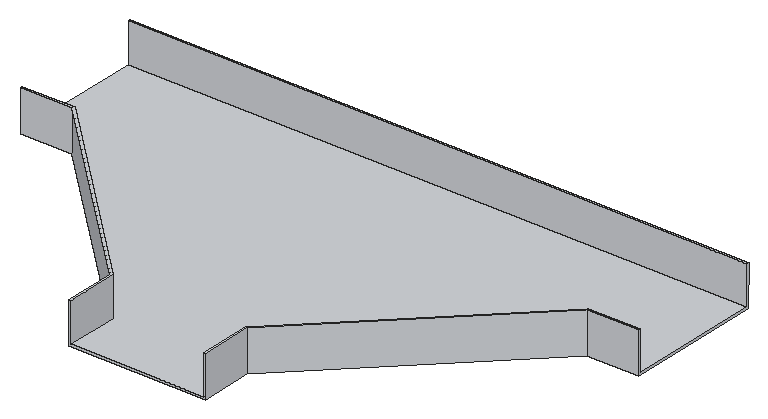
Revit family "托盘式电缆桥架水平三通", category 电缆桥架配件, Revit 2020
Family settings
  圆形连接件大小 = 使用直径
  零件类型 = 槽式 T 形三通
  基于工作平面 = 否
  总是垂直 = 是
  加载时剪切的空心 = 否
  共享 = 否
Parameters (values of type "标准")
  Default Elevation = 0 mm
  桥架宽度 3 [instance] = 200 mm
  桥架宽度 1 [instance] = 200 mm
  桥架长度 [instance] = 75 mm
  桥架高度 [instance] = 60 mm
  默认高程 [instance] = 3 mm
  长度 4 [instance] = 默认高程 * tan(22.50°)  # 1.243 mm
  长度 3 [instance] = 桥架宽度 1 + 350 mm  # 550 mm
  长度 1 [instance] = 桥架宽度 3 + 700 mm  # 900 mm
Reference planes
  plane 1 "中心(前/后)": y = 0
  plane 2: z = 0
  plane 3 "中心(左/右)": x = 0
  plane 4: x = -450
  plane 5: x = 450
  plane 6: y = -450
  plane 7: y = 100
  plane 8: y = -100
  plane 9: x = -100
  plane 10: x = 100
  plane 11: x = -375
  plane 12: x = 375
  plane 13: y = -375
  plane 14: z = -30
  plane 15: z = 30
  plane 16: z = -27
  plane 17: y = 97
  plane 18: y = -97
  plane 19: x = -97
  plane 20: x = 97
  plane 21: x = -373.757
  plane 22: x = 373.757
  plane 23: y = -373.757
Forms (mm)
  Extrusion 1, solid, detail levels fine
    sketch origin (0, 0, 0) x (1, 0, 0) y (0, 1, 0)
      loop
        line (-375, -100) -> (-100, -375) -> (-100, -450) -> (100, -450) -> (100, -375) -> (375, -100) -> (450, -100) -> (450, 100) -> (-450, 100) -> (-450, -100) -> (-375, -100)
    from -30 to -27
  Extrusion 2, solid, detail levels medium
    sketch origin (0, 0, 0) x (1, 0, 0) y (0, 1, 0)
      loop
        line (-375, -100) -> (-100, -375) -> (-100, -450) -> (100, -450) -> (100, -375) -> (375, -100) -> (450, -100) -> (450, 100) -> (-450, 100) -> (-450, -100) -> (-375, -100)
    from -30 to 30
  Extrusion 3, solid, detail levels fine
    sketch origin (0, 0, 0) x (1, 0, 0) y (0, 1, 0)
      loop
        line (-373.757, -97) -> (-450, -97) -> (-450, -100) -> (-375, -100) -> (-100, -375) -> (-100, -450) -> (-97, -450) -> (-97, -373.757) -> (-373.757, -97)
      loop
        line (373.757, -97) -> (97, -373.757) -> (97, -450) -> (100, -450) -> (100, -375) -> (375, -100) -> (450, -100) -> (450, -97) -> (373.757, -97)
      loop
        line (-450, 100) -> (-450, 97) -> (450, 97) -> (450, 100) -> (-450, 100)
    from -27 to 30
Cuts and joins
  joined: Extrusion 1, Extrusion 3
Lines and regions (mm)
  model lines, detail levels coarse
    curve 1: line (-450, 0, 0) -> (450, 0, 0)
    curve 2: line (0, 0, 0) -> (0, -450, 0)
Dimensions and locks
  equal spacing: plane 4, plane 3 "中心(左/右)", plane 5
  "长度 1": plane 4 to plane 5
  equal spacing: plane 7, plane 1 "中心(前/后)", plane 8
  "桥架宽度 1": plane 7 to plane 8
  "长度 3": plane 7 to plane 6
  equal spacing: plane 9, plane 3 "中心(左/右)", plane 10
  "桥架宽度 3": plane 9 to plane 10
  "桥架长度": plane 4 to plane 11
  "桥架长度": plane 12 to plane 5
  "桥架长度": plane 13 to plane 6
  equal spacing: plane 15, plane 2, plane 14
  "桥架高度": plane 15 to plane 14
  "默认高程": plane 16 to plane 14
  "默认高程": plane 7 to plane 17
  "默认高程": plane 18 to plane 8
  "默认高程": plane 9 to plane 19
  "默认高程": plane 20 to plane 10
  "长度 4": plane 11 to plane 21
  "长度 4": plane 22 to plane 12
  "长度 4": plane 23 to plane 13
  aligned and locked: plane 13 to Extrusion 1 sketch curve  (x2)
  aligned and locked: plane 9 to Extrusion 1 sketch curve  (x2)
  aligned and locked: plane 8 to Extrusion 1 sketch curve  (x2)
  aligned and locked: plane 11 to Extrusion 1 sketch curve
  aligned and locked: plane 10 to Extrusion 1 sketch curve  (x2)
  aligned and locked: plane 12 to Extrusion 1 sketch curve
  aligned and locked: plane 4 to Extrusion 1 sketch curve
  aligned and locked: Extrusion 1 sketch curve to plane 8  (x2)
  aligned and locked: Extrusion 1 sketch curve to plane 4
  aligned and locked: Extrusion 1 sketch curve to plane 7
  aligned and locked: plane 7 to Extrusion 1 sketch curve
  aligned and locked: Extrusion 1 sketch curve to plane 5
  aligned and locked: plane 5 to Extrusion 1 sketch curve
  aligned and locked: plane 6 to Extrusion 1 sketch curve  (x2)
  aligned and locked: Extrusion 1 to plane 14
  aligned and locked: plane 16 to Extrusion 1
  aligned and locked: plane 9 to Extrusion 2 sketch curve  (x2)
  aligned and locked: plane 8 to Extrusion 2 sketch curve  (x2)
  aligned and locked: plane 11 to Extrusion 2 sketch curve
  aligned and locked: plane 13 to Extrusion 2 sketch curve  (x2)
  aligned and locked: plane 10 to Extrusion 2 sketch curve  (x2)
  aligned and locked: plane 12 to Extrusion 2 sketch curve
  aligned and locked: plane 4 to Extrusion 2 sketch curve
  aligned and locked: Extrusion 2 sketch curve to plane 8  (x2)
  aligned and locked: Extrusion 2 sketch curve to plane 4
  aligned and locked: plane 5 to Extrusion 2 sketch curve  (x2)
  aligned and locked: Extrusion 2 sketch curve to plane 7
  aligned and locked: plane 7 to Extrusion 2 sketch curve
  aligned and locked: Extrusion 2 sketch curve to plane 6
  aligned and locked: plane 6 to Extrusion 2 sketch curve
  aligned and locked: Extrusion 2 to plane 14
  aligned and locked: plane 15 to Extrusion 2
  aligned and locked: plane 8 to Extrusion 3 sketch curve  (x2)
  aligned and locked: plane 18 to Extrusion 3 sketch curve  (x2)
  aligned and locked: plane 21 to Extrusion 3 sketch curve
  aligned and locked: plane 13 to Extrusion 3 sketch curve  (x2)
  aligned and locked: plane 9 to Extrusion 3 sketch curve  (x2)
  aligned and locked: Extrusion 3 sketch curve to plane 18  (x2)
  aligned and locked: Extrusion 3 sketch curve to plane 4
  aligned and locked: plane 11 to Extrusion 3 sketch curve
  aligned and locked: plane 4 to Extrusion 3 sketch curve  (x2)
  aligned and locked: Extrusion 3 sketch curve to plane 8  (x2)
  aligned and locked: plane 23 to Extrusion 3 sketch curve  (x2)
  aligned and locked: plane 6 to Extrusion 3 sketch curve  (x2)
  aligned and locked: Extrusion 3 sketch curve to plane 19
  aligned and locked: plane 19 to Extrusion 3 sketch curve
  aligned and locked: Extrusion 3 sketch curve to plane 6  (x2)
  aligned and locked: plane 10 to Extrusion 3 sketch curve  (x2)
  aligned and locked: Extrusion 3 sketch curve to plane 5  (x2)
  aligned and locked: plane 22 to Extrusion 3 sketch curve
  aligned and locked: plane 12 to Extrusion 3 sketch curve
  aligned and locked: plane 5 to Extrusion 3 sketch curve
  aligned and locked: plane 20 to Extrusion 3 sketch curve
  aligned and locked: Extrusion 3 sketch curve to plane 20
  aligned and locked: plane 17 to Extrusion 3 sketch curve
  aligned and locked: Extrusion 3 sketch curve to plane 7
  aligned and locked: Extrusion 3 to plane 16
  aligned and locked: plane 15 to Extrusion 3
  aligned and locked: plane 4 to curve 1
  aligned and locked: plane 5 to curve 1
  aligned and locked: plane 1 "中心(前/后)" to curve 1
  aligned and locked: plane 6 to curve 2
  aligned and locked: plane 1 "中心(前/后)" to curve 2
  aligned and locked: curve 2 to plane 3 "中心(左/右)"
Connectors
  cabletrayconduit at (-450, 0, 0), diameter 600, driven by "桥架高度", driven by "桥架宽度 1"
    settings: on Extrusion 2, index 1, connector width 200 mm, connector height 60 mm, connector angle 0.00°, system type 32, placement type 0, profile type 1, connector reference index 2, is primary connector yes, connector utility param no, connector description ""
  cabletrayconduit at (450, 0, 0), diameter 600, driven by "桥架高度", driven by "桥架宽度 1"
    settings: on Extrusion 2, index 2, connector width 200 mm, connector height 60 mm, connector angle 0.00°, system type 32, placement type 0, profile type 1, connector reference index 1, is primary connector no, connector utility param no, connector description ""
  cabletrayconduit at (0, -450, 0), diameter 600, driven by "桥架高度", driven by "桥架宽度 3"
    settings: on Extrusion 2, index 3, connector width 200 mm, connector height 60 mm, connector angle 0.00°, system type 32, placement type 0, profile type 1, connector reference index -1, is primary connector no, connector utility param no, connector description ""
